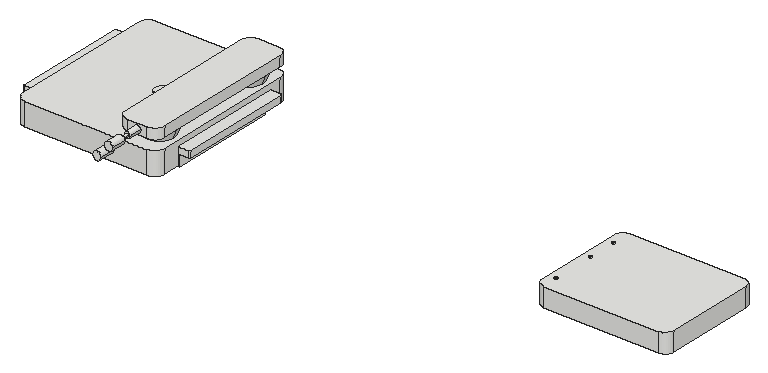
Revit family "Electronics -Communication_Urmet_1760-6", category Apparecchi elettrici, host Superficie, Revit 2017
Family settings
  Host = Superficie
  Mantenere orientamento annotazione = No
  Quota connettore circolare = Usa diametro
  Tipo di parte = Normale
  Taglio con vuoti quando caricato = No
  Condiviso = No
  Punto di calcolo locali = No
Parameters
  Youtube clip = ""
  Wiring = "2 wires"
  Weight net = 0.604 kg
  Voltage = "Low voltage (<50Vdc)"
  Video luminosity regulation = yes
  Video contrast regulation = yes
  Video color regulation = yes
  Uniformat II Description = "Communications & Security"
  Uniformat II Code = "D5030"
  Uniclass 2015 Name = "Intercom remote handsets"
  Uniclass 2015 Code = "Pr_75_75_27_43"
  Uniclass 2.0 Description = "Intercom Remote Handsets"
  Uniclass 2.0 Code = "PR-16-02-43"
  Uniclass 1.4 Description = "Intercom systems"
  Uniclass 1.4 Code = "L7632"
  URL = "https://www.urmet.com"
  UNSPSC Code = "43221525"
  UE Conformity Declaration: = "http://qrcode.urmet.com/default.aspx?prodUrmet=156136&lingua=en"
  Type image = "http://qrcode.urmet.com/default.aspx?prodUrmet=156136&lingua=en"
  Touch Display = yes
  Terminal block labels = "S-  S+  2xCP  2xLINE IN"
  Temperature range (°C) = "-5/50"
  Technical description = "http://qrcode.urmet.com/default.aspx?prodUrmet=156136&lingua=en"
  System technology = "2 wires"
  System name = "2Voice\r\n2Voice\r\n2Voice\r\n2Voice"
  Switchboard call = yes
  Sustainability Performance = "RAEE/WEEE compliant"
  Selectable ringtone for external calls and floor call = yes
  Ringing volume regulation = yes
  Ringing off (mute) function = yes
  Remote relay activations = "1"
  Region South America = "All"
  Region Oceania = "All"
  Region North America = "All"
  Region Middle East = "All"
  Region Europe = "All"
  Region Asia = "All"
  Region Antarctica = "All"
  Region Africa = "All"
  QR code = ""
  Proprietary voice controls = no
  Product url = "http://qrcode.urmet.com/default.aspx?prodUrmet=156136&lingua=en"
  Product group = ""
  Product family = ""
  Product data url = ""
  Product certification = "http://qrcode.urmet.com/default.aspx?prodUrmet=156136&lingua=en"
  Product SKU = "1760-6"
  Product Guide: = "http://qrcode.urmet.com/default.aspx?prodUrmet=156136&lingua=en"
  Predisposition for external optional ringer = yes
  Power consumption: = "http://qrcode.urmet.com/default.aspx?arg=manuali&sezione=2voice&lingua=en"
  Pedestrian door opening = yes
  Outgoing intercom calls = "3"
  OmniClass Description = "Door Entry Telephones"
  OmniClass Code = "23-37 23 17 13"
  Number of mechanical Pushbuttons = "0"
  Number of Touch buttons = "8"
  Nominal width = 130 mm
  Nominal height = 160 mm
  NBS Reference Description = "Intercom Remote Handsets"
  NBS Reference Code = "16-02-43"
  N. od terminal blocks = "6"
  Modello = "VOG5"
  Material main = "Plastic"
  Masterformat 2014 Description = "Residential Intercommunications and Program Systems"
  Masterformat 2014 Code = "27 51 23.30"
  Manufacturer country = "China"
  Produttore = "Urmet S.p.A.\r\nUrmet S.p.A."
  Main led signalizations = "5"
  Keynote = ""
  Installation on 503 flush and 60 mm diameter round boxes = yes
  Installation instructions = "http://qrcode.urmet.com/default.aspx?prodUrmet=156136&lingua=en"
  Installation = "Surface mounting, flush mounting or table mounting (with optional accessory)"
  Incoming floor call = yes
  IP Grade = "30"
  IK Grade = "-"
  IFC Classification = "Electrical Element"
  Humidity range (%) = "95%"
  Home automation Yokis buttons = "-"
  Handset /Hands free = "Hands free"
  Gesture = yes
  Gate door opening = yes
  GTIN code = ""
  Finishing = "Gloss"
  Edition number = 1
  EAN Product Code = "8021156069781"
  Display resolution (pixel) = "800 x 480"
  Display Format = "16:9"
  Display Dimensions = "5’’ IPS-LCD"
  Dimensions (LxHxP) = "130 x 160 x 26 mm"
  Design country = "Italy"
  Descrizione = "VIDEO DOOR PHONE HANDS-FREE\r\nVIDEO HOUSEPHONE 4,3'’ HANDSFREE 2VOICE WHITE"
  Default Elevation = 1219.2 mm
  Date of publishing = "2023-02-01"
  Data-sheet: = "http://qrcode.urmet.com/default.aspx?prodUrmet=156136&lingua=en"
  Compatibility with Alexa = no
  Combined Nomenclature Code = "8517691000"
  Color = "White RAL9003"
  Call forwarding = "Yes, with optional device"
  COBIe Type Category = ""
  Brand url = "https://www.urmet.com/en-us/"
  Auxiliary antenna for Hearing impaired people = yes
  Automatic door opening function = yes
  Auto-insertion function and scrolling of CCTV cameras = yes
  Audio or Audio/Video system = "Audio/video"
  Codice assieme = "1760/6"
  Additional led signalizations = "0"
Reference planes
  plane 1 "Center (Front/Back)": y = 0
  plane 2: z = 0
  plane 3 "Center (Left/Right)": x = 0
  plane 4: y = 65
  plane 5: y = -65
  plane 6: x = 600
  plane 7: x = 520
  plane 8: x = 680
  plane 9: y = 0
  plane 10: x = 570
  plane 11: x = 589
  plane 12: x = 608
  plane 13: y = -21.421
  plane 14: y = -80.537
  plane 15: y = -50.979
  plane 16: y = -36.2
  plane 17: x = 638.2
  plane 18: x = 657.2
  plane 19: x = 676.2
  plane 20: y = 51.715
  plane 21: y = -7.402
  plane 22: y = 22.156
  plane 23: y = 36.935
  plane 24: x = 638.2
  plane 25: x = 657.2
  plane 26: x = 676.2
  plane 27: y = 26.715
  plane 28: y = -32.402
  plane 29: y = -2.844
  plane 30: y = 11.935
  plane 31: x = 638.2
  plane 32: x = 657.2
  plane 33: x = 676.2
  plane 34: y = 4.228
  plane 35: y = -54.888
  plane 36: y = -25.33
  plane 37: y = -10.551
  plane 38: x = 638.2
  plane 39: x = 657.2
  plane 40: x = 676.2
  plane 41: y = -9.772
  plane 42: y = -68.888
  plane 43: y = -39.33
  plane 44: y = -24.551
  plane 45: x = 638.2
  plane 46: x = 657.2
  plane 47: x = 676.2
  plane 48: y = -23.772
  plane 49: y = -82.888
  plane 50: y = -53.33
  plane 51: y = -38.551
  plane 52: x = 638.2
  plane 53: x = 657.2
  plane 54: x = 676.2
  plane 55: y = -37.772
  plane 56: y = -96.888
  plane 57: y = -67.33
  plane 58: y = -52.551
Forms (mm)
  Extrusion 1, solid, not visible
    sketch origin (125, -1171.075, 27.5) x (0, 1, 0) y (-1, 0, 0)
      loop
        line (1178.319, 161.344) -> (1158.319, 161.344) -> (1158.319, 146.344) -> (1178.319, 146.344) -> (1178.319, 161.344)
      loop
        line (1178.319, 134.375) -> (1158.319, 134.375) -> (1158.319, 118.017) -> (1178.319, 118.017) -> (1178.319, 134.375)
    from -17.093 to -27.5
  Extrusion 2, solid, material "Plastic - Urmet Plastic - RAL9003 - Gloss", not visible, detail levels fine
    sketch origin (125, -1171.075, 27.5) x (0, 1, 0) y (-1, 0, 0)
      loop
        line (1271.075, 51) -> (1271.075, 199)
        arc (1271.075, 199) -> (1267.414, 207.839) -> (1258.575, 211.5) r 12.5
        line (1258.575, 211.5) -> (1083.575, 211.5)
        arc (1083.575, 211.5) -> (1074.736, 207.839) -> (1071.075, 199) r 12.5
        line (1071.075, 199) -> (1071.075, 51)
        arc (1071.075, 51) -> (1074.736, 42.161) -> (1083.575, 38.5) r 12.5
        line (1083.575, 38.5) -> (1258.575, 38.5)
        arc (1258.575, 38.5) -> (1267.414, 42.161) -> (1271.075, 51) r 12.5
    from 0 to -27.5
  Sweep 3, void, not visible
    path origin (125, -1208.075, 27.5) x (1, 0, 0) y (0, 1, 0)
      loop
        circle (-109.73, 1168.075) r 5
    profile origin (15.27, -45, 27.5) x (0, -1, 0) y (0, 0, 1)
      loop
        line (0, 0) -> (0, -1)
        arc (0, -1) -> (0.856, -0.658) -> (1.5, 0) r 2.228
        line (1.5, 0) -> (0, 0)
  Revolve 4, void, not visible
    sketch origin (15.27, -1171.075, -75) x (0, 0, 1) y (0, 1, 0)
      loop
        line (100.7, 1168.075) -> (100.7, 1159.075)
        arc (100.7, 1159.075) -> (101.176, 1156.974) -> (102.5, 1155.275) r 4.946
        line (102.5, 1155.275) -> (102.5, 1168.075) -> (100.7, 1168.075)
      axis (102.5, 1168.075) -> (100.7, 1168.075)
    angle from 0 to 360
  Sweep 5, void, not visible
    path origin (125, -1225.575, 27.5) x (1, 0, 0) y (0, 1, 0)
      loop
        circle (-109.73, 1168.075) r 5
    profile origin (15.27, -62.5, 27.5) x (0, -1, 0) y (0, 0, 1)
      loop
        line (0, 0) -> (0, -1)
        arc (0, -1) -> (0.856, -0.658) -> (1.5, 0) r 2.228
        line (1.5, 0) -> (0, 0)
  Sweep 6, void, not visible
    path origin (125, -1243.075, 27.5) x (1, 0, 0) y (0, 1, 0)
      loop
        circle (-109.73, 1168.075) r 5
    profile origin (15.27, -80, 27.5) x (0, -1, 0) y (0, 0, 1)
      loop
        line (0, 0) -> (0, -1)
        arc (0, -1) -> (0.856, -0.658) -> (1.5, 0) r 2.228
        line (1.5, 0) -> (0, 0)
  Sweep 7, void, not visible
    path origin (125, -1171.075, 27.5) x (1, 0, 0) y (0, 1, 0)
      loop
        arc (-196.8, 1251.675) -> (-197.578, 1251.353) -> (-197.9, 1250.575) r 1.1
        line (-197.9, 1250.575) -> (-197.9, 1196.175)
        arc (-197.9, 1196.175) -> (-197.578, 1195.397) -> (-196.8, 1195.075) r 1.1
        line (-196.8, 1195.075) -> (-101.6, 1195.075)
        arc (-101.6, 1195.075) -> (-100.822, 1195.397) -> (-100.5, 1196.175) r 1.1
        line (-100.5, 1196.175) -> (-100.5, 1250.575)
        arc (-100.5, 1250.575) -> (-100.822, 1251.353) -> (-101.6, 1251.675) r 1.1
        line (-101.6, 1251.675) -> (-196.8, 1251.675)
    profile origin (-24.2, 80.6, 27.5) x (0, 1, 0) y (0, 0, 1)
      loop
        line (0, 0) -> (0, -1)
        arc (0, -1) -> (2.056, -0.725) -> (4, 0) r 9.264
        line (4, 0) -> (0, 0)
  Extrusion 8, void, not visible
    sketch origin (125, -1171.075, 27.5) x (1, 0, 0) y (0, 1, 0)
      loop
        line (-101.6, 1251.675) -> (-196.8, 1251.675)
        arc (-196.8, 1251.675) -> (-197.578, 1251.353) -> (-197.9, 1250.575) r 1.1
        line (-197.9, 1250.575) -> (-197.9, 1196.175)
        arc (-197.9, 1196.175) -> (-197.578, 1195.397) -> (-196.8, 1195.075) r 1.1
        line (-196.8, 1195.075) -> (-101.6, 1195.075)
        arc (-101.6, 1195.075) -> (-100.822, 1195.397) -> (-100.5, 1196.175) r 1.1
        line (-100.5, 1196.175) -> (-100.5, 1250.575)
        arc (-100.5, 1250.575) -> (-100.822, 1251.353) -> (-101.6, 1251.675) r 1.1
    from -3 to 3
  Sweep 9, void, not visible
    path origin (172.23, -1171.075, 27.5) x (1, 0, 0) y (0, 1, 0)
      loop
        circle (-109.73, 1168.075) r 10.6
    profile origin (62.5, -13.6, 27.5) x (0, -1, 0) y (0, 0, 1)
      loop
        arc (0, -1) -> (2.059, -0.736) -> (4, 0) r 8.84
        line (4, 0) -> (0, 0) -> (0, -1)
  Extrusion 10, solid, material "Plastic - Urmet Plastic - RAL9003 - Gloss", not visible, detail levels fine
    sketch origin (125, -1171.075, 40) x (1, 0, 0) y (0, 1, 0)
      loop
        arc (-74.15, 1271.075) -> (-82.989, 1267.414) -> (-86.65, 1258.575) r 12.5
        line (-86.65, 1258.575) -> (-86.65, 1083.575)
        arc (-86.65, 1083.575) -> (-82.989, 1074.736) -> (-74.15, 1071.075) r 12.5
        line (-74.15, 1071.075) -> (-50.85, 1071.075)
        arc (-50.85, 1071.075) -> (-42.011, 1074.736) -> (-38.35, 1083.575) r 12.5
        line (-38.35, 1083.575) -> (-38.35, 1258.575)
        arc (-38.35, 1258.575) -> (-42.011, 1267.414) -> (-50.85, 1271.075) r 12.5
        line (-50.85, 1271.075) -> (-74.15, 1271.075)
    from 0 to 12
  Blend 11, solid, material "Plastic - Urmet Plastic - RAL9003 - Gloss", not visible, detail levels fine
    base sketch origin (125, -100, -75.097) x (0, 0, -1) y (1, 0, 0)
      loop
        circle (-121, -62.5) r 3.3
    top sketch origin (125, -114.75, -75.097) x (0, 0, -1) y (1, 0, 0)
      loop
        circle (-121, -62.5) r 4
    from 14.75 to -14.75
  Blend 12, solid, material "Plastic - Urmet Plastic - RAL9003 - Gloss", not visible, detail levels fine
    base sketch origin (125, -1223.47, 40) x (0, 1, 0) y (-1, 0, 0)
      loop
        circle (1157.475, 62.5) r 17.534
    top sketch origin (125, -1223.47, 40) x (0, 1, 0) y (-1, 0, 0)
      loop
        circle (1157.475, 62.5) r 22.447
    from -12.5 to 0
  Blend 13, solid, material "Plastic - Urmet Plastic - RAL9003 - Gloss", not visible, detail levels fine
    base sketch origin (125, -1088.47, 40) x (0, 1, 0) y (-1, 0, 0)
      loop
        circle (1157.475, 62.5) r 17.534
    top sketch origin (125, -1088.47, 40) x (0, 1, 0) y (-1, 0, 0)
      loop
        circle (1157.475, 62.5) r 22.447
    from -12.5 to 0
  Extrusion 14, solid, material "Plastic - Urmet Plastic - RAL9003 - Gloss", not visible, detail levels medium
    sketch origin (425, -1171.075, 27.5) x (0, 1, 0) y (-1, 0, 0)
      loop
        line (1271.075, 51) -> (1271.075, 199)
        arc (1271.075, 199) -> (1267.414, 207.839) -> (1258.575, 211.5) r 12.5
        line (1258.575, 211.5) -> (1083.575, 211.5)
        arc (1083.575, 211.5) -> (1074.736, 207.839) -> (1071.075, 199) r 12.5
        line (1071.075, 199) -> (1071.075, 51)
        arc (1071.075, 51) -> (1074.736, 42.161) -> (1083.575, 38.5) r 12.5
        line (1083.575, 38.5) -> (1258.575, 38.5)
        arc (1258.575, 38.5) -> (1267.414, 42.161) -> (1271.075, 51) r 12.5
    from 0 to -27.5
  Extrusion 15, solid, material "Plastic - Urmet Plastic - RAL9003 - Gloss", not visible, detail levels medium
    sketch origin (425, -1171.075, 40) x (1, 0, 0) y (0, 1, 0)
      loop
        arc (-74.15, 1271.075) -> (-82.989, 1267.414) -> (-86.65, 1258.575) r 12.5
        line (-86.65, 1258.575) -> (-86.65, 1083.575)
        arc (-86.65, 1083.575) -> (-82.989, 1074.736) -> (-74.15, 1071.075) r 12.5
        line (-74.15, 1071.075) -> (-50.85, 1071.075)
        arc (-50.85, 1071.075) -> (-42.011, 1074.736) -> (-38.35, 1083.575) r 12.5
        line (-38.35, 1083.575) -> (-38.35, 1258.575)
        arc (-38.35, 1258.575) -> (-42.011, 1267.414) -> (-50.85, 1271.075) r 12.5
        line (-50.85, 1271.075) -> (-74.15, 1271.075)
    from 0 to 12
  Extrusion 16, void, not visible, detail levels medium
    sketch origin (425, -1171.075, 27.5) x (-1, 0, 0) y (0, 1, 0)
      loop
        line (197.9, 1251.675) -> (100.5, 1251.675) -> (100.5, 1195.075) -> (197.9, 1195.075) -> (197.9, 1251.675)
    from 0 to 3
  Extrusion 17, solid, material "Plastic - Urmet Plastic - RAL9003 - Gloss", not visible, detail levels medium
    sketch origin (125, -1171.075, 27.5) x (0, 1, 0) y (-1, 0, 0)
      loop
        circle (1105.08, -237.35) r 20
      loop
        circle (1240.08, -237.35) r 20
    from 0 to 12.5
  Extrusion 18, solid, material "Plastic - Urmet Plastic - RAL9003 - Gloss", not visible, detail levels coarse
    sketch origin (125, -1171.075, 27.5) x (0, 1, 0) y (-1, 0, 0)
      loop
        line (1271.075, -388.5) -> (1071.075, -388.5) -> (1071.075, -561.65) -> (1271.075, -561.65) -> (1271.075, -388.5)
    from -27.5 to 24.5
  Extrusion 19, solid, material "Plastic - Urmet Plastic - RAL9003 - Gloss", not visible, detail levels fine
    sketch origin (125, -1171.075, 27.5) x (0, 1, 0) y (-1, 0, 0)
      loop
        circle (1168.075, 109.73) r 8.6
    from -1.8 to 1.2
  Extrusion 20, solid, material "Plastic - Urmet Plastic - RAL9003 - Gloss", not visible, detail levels fine
    sketch origin (10, 0, 0) x (1, 0, 0) y (0, 0, 1)
      loop
        circle (27.785, 21.154) r 1.5
    from 100 to 110.794
  Extrusion 21, solid, material "Plastic - Urmet Plastic - RAL9003 - Gloss", not visible, detail levels fine
    sketch origin (10, 0, 0) x (1, 0, 0) y (0, 0, 1)
      loop
        circle (27.801, 21.17) r 5
    from 110.794 to 130.126
  Extrusion 22, solid, material "Plastic - Urmet Plastic - RAL9003 - Gloss", not visible, detail levels fine
    sketch origin (34.699, 0, 24.699) x (1, 0, 0) y (0, 0, 1)
      loop
        circle (27.785, 21.154) r 1.5
    from 114.75 to 125.552
  Extrusion 23, solid, material "Plastic - Urmet Plastic - RAL9003 - Gloss", not visible, detail levels fine
    sketch origin (34.699, 0, 24.699) x (1, 0, 0) y (0, 0, 1)
      loop
        circle (27.801, 21.17) r 5
    from 125.552 to 143.369
  Extrusion 24, solid, material "Plastic - Urmet Plastic - RAL9003 - Gloss", not visible, detail levels fine
    sketch origin (125, -1171.075, -0.3) x (0, 1, 0) y (-1, 0, 0)
      loop
        arc (1242.075, 224.5) -> (1241.636, 225.561) -> (1240.575, 226) r 1.5
        line (1240.575, 226) -> (1103.689, 226)
        arc (1103.689, 226) -> (1102.629, 225.561) -> (1102.189, 224.5) r 1.5
        line (1102.189, 224.5) -> (1102.189, 24.638)
        arc (1102.189, 24.638) -> (1102.629, 23.578) -> (1103.689, 23.138) r 1.5
        line (1103.689, 23.138) -> (1240.575, 23.138)
        arc (1240.575, 23.138) -> (1241.636, 23.578) -> (1242.075, 24.638) r 1.5
        line (1242.075, 24.638) -> (1242.075, 224.5)
    from 14 to 22.3
  Revolve 25, void, not visible
    sketch origin (0, -104.83, 0) x (0, 1, 0) y (0, 0, 1)
      loop
        line (50.53, 22) -> (50.53, 20.5) -> (56.03, 20.5) -> (56.03, 21.417) -> (57.28, 22) -> (50.53, 22)
      axis (50.53, 20.5) -> (50.53, 22)
    angle from 0 to 360
  Extrusion 26, solid, material "Plastic - Urmet Plastic - RAL9003 - Gloss", not visible, detail levels fine
    sketch origin (0, -54.3, 20.5) x (0, 1, 0) y (-1, 0, 0)
      loop
        circle (0, 0) r 5.4
    from 0 to 3
  Sweep 27, void, not visible
    path origin (119.498, -1167.646, 22) x (0, 1, 0) y (-1, 0, 0)
      loop
        circle (1113.346, 99.498) r 5.5
    profile origin (14.5, -54.3, 22) x (1, 0, 0) y (0, 0, 1)
      loop
        line (0, 0) -> (-1, 0) -> (0, -1) -> (0, 0)
  Sweep 28, void, not visible
    path origin (139.498, -1167.646, 22) x (0, 1, 0) y (-1, 0, 0)
      loop
        circle (1113.346, 99.498) r 5.5
    profile origin (34.5, -54.3, 22) x (1, 0, 0) y (0, 0, 1)
      loop
        line (0, 0) -> (-1, 0) -> (0, -1) -> (0, 0)
  Sweep 29, void, not visible
    path origin (-119.498, -1167.646, 22) x (0, 1, 0) y (-1, 0, 0)
      loop
        circle (1113.346, -99.498) r 5.5
    profile origin (-14.5, -54.3, 22) x (1, 0, 0) y (0, 0, 1)
      loop
        line (0, 0) -> (0, -1) -> (1, 0) -> (0, 0)
  Sweep 30, void, not visible
    path origin (-139.498, -1167.646, 22) x (0, 1, 0) y (-1, 0, 0)
      loop
        circle (1113.346, -99.498) r 5.5
    profile origin (-34.5, -54.3, 22) x (1, 0, 0) y (0, 0, 1)
      loop
        line (0, 0) -> (0, -1) -> (1, 0) -> (0, 0)
  Sweep 31, void, not visible
    path origin (119.284, -1171.075, 22) x (0, 1, 0) y (-1, 0, 0)
      loop
        line (1118.028, 37.264) -> (1118.028, 61.264)
        arc (1118.028, 61.264) -> (1116.378, 62.914) -> (1114.728, 61.264) r 1.65
        line (1114.728, 61.264) -> (1114.728, 37.264)
        arc (1114.728, 37.264) -> (1116.378, 35.614) -> (1118.028, 37.264) r 1.65
    profile origin (70.02, -53.047, 22) x (0, -1, 0) y (0, 0, 1)
      loop
        line (0, 0) -> (-1, 0) -> (0, -1) -> (0, 0)
  Sweep 32, void, not visible
    path origin (-119.284, -1171.075, 22) x (0, 1, 0) y (-1, 0, 0)
      loop
        arc (1118.028, -37.264) -> (1116.378, -35.614) -> (1114.728, -37.264) r 1.65
        line (1114.728, -37.264) -> (1114.728, -61.264)
        arc (1114.728, -61.264) -> (1116.378, -62.914) -> (1118.028, -61.264) r 1.65
        line (1118.028, -61.264) -> (1118.028, -37.264)
    profile origin (-70.02, -53.047, 22) x (0, 1, 0) y (0, 0, 1)
      loop
        line (0, 0) -> (0, -1) -> (1, 0) -> (0, 0)
  Extrusion 33, solid, material "Plastic - Urmet Plastic - RAL9003 - Gloss", not visible, detail levels fine
    sketch origin (125, -1171.075, 22) x (0, 1, 0) y (-1, 0, 0)
      loop
        line (1232.075, 213.7) -> (1103.423, 213.7) -> (1103.423, 36.3) -> (1232.075, 36.3) -> (1232.075, 213.7)
    from -22 to -8.3
  Extrusion 34, solid, material "Plastic - Urmet Plastic - RAL9003 - Gloss", not visible, detail levels medium
    sketch origin (0, 0, 0) x (1, 0, 0) y (0, 1, 0)
      loop
        line (214, 69.5) -> (214, -67.386)
        arc (214, -67.386) -> (214.439, -68.446) -> (215.5, -68.886) r 1.5
        line (215.5, -68.886) -> (415.362, -68.886)
        arc (415.362, -68.886) -> (416.422, -68.446) -> (416.862, -67.386) r 1.5
        line (416.862, -67.386) -> (416.862, 69.5)
        arc (416.862, 69.5) -> (416.422, 70.561) -> (415.362, 71) r 1.5
        line (415.362, 71) -> (215.5, 71)
        arc (215.5, 71) -> (214.439, 70.561) -> (214, 69.5) r 1.5
    from 13.7 to 22
  Extrusion 35, solid, material "Plastic - Urmet Plastic - RAL9003 - Gloss", not visible, detail levels medium
    sketch origin (440, -1171.075, 22) x (0, 1, 0) y (-1, 0, 0)
      loop
        line (1232.075, 213.7) -> (1103.423, 213.7) -> (1103.423, 36.3) -> (1232.075, 36.3) -> (1232.075, 213.7)
    from -22 to -8.3
  Extrusion 36, solid, material "Plastic - Urmet Plastic - RAL9003 - Gloss", not visible, detail levels coarse
    sketch origin (260, 0, 0) x (1, 0, 0) y (0, 1, 0)
      loop
        line (214, 71) -> (214, -68.886) -> (416.862, -68.886) -> (416.862, 71) -> (214, 71)
    from 0 to 22
  Extrusion 37, solid, material "Plastic - Urmet Plastic - RAL9003 - Gloss", not visible, detail levels coarse
    sketch origin (425, -1171.075, 27.5) x (0, 1, 0) y (-1, 0, 0)
      loop
        line (1236.075, -95) -> (1106.075, -95) -> (1106.075, -255) -> (1236.075, -255) -> (1236.075, -95)
    from -27.5 to -4.5
  Extrusion 38, solid, material "Plastic - Urmet Plastic - RAL9003 - Gloss", not visible, detail levels fine
    sketch origin (269.144, -470.039, 0) x (0, -1, 0) y (1, 0, 0)
      loop
        line (-535.039, 400.856) -> (-535.039, 260.856)
        arc (-535.039, 260.856) -> (-532.11, 253.785) -> (-525.039, 250.856) r 10
        line (-525.039, 250.856) -> (-415.039, 250.856)
        arc (-415.039, 250.856) -> (-407.968, 253.785) -> (-405.039, 260.856) r 10
        line (-405.039, 260.856) -> (-405.039, 400.856)
        arc (-405.039, 400.856) -> (-407.968, 407.927) -> (-415.039, 410.856) r 10
        line (-415.039, 410.856) -> (-525.039, 410.856)
        arc (-525.039, 410.856) -> (-532.11, 407.927) -> (-535.039, 400.856) r 10
    from 0 to 23
  Sweep 39, void, not visible
    path origin (269.144, -470.039, 23) x (0, -1, 0) y (1, 0, 0)
      loop
        line (-520.239, 366.156) -> (-520.239, 273.856)
        arc (-520.239, 273.856) -> (-519.947, 273.149) -> (-519.239, 272.856) r 1
        line (-519.239, 272.856) -> (-468.539, 272.856)
        arc (-468.539, 272.856) -> (-467.832, 273.149) -> (-467.539, 273.856) r 1
        line (-467.539, 273.856) -> (-467.539, 366.156)
        arc (-467.539, 366.156) -> (-467.832, 366.864) -> (-468.539, 367.156) r 1
        line (-468.539, 367.156) -> (-519.239, 367.156)
        arc (-519.239, 367.156) -> (-519.947, 366.864) -> (-520.239, 366.156) r 1
    profile origin (589.15, 50.2, 23) x (0, -1, 0) y (0, 0, 1)
      loop
        arc (-4, 0) -> (-2.072, -0.787) -> (0, -1) r 7.328
        line (0, -1) -> (0, 0) -> (-4, 0)
  Sweep 40, void, not visible
    path origin (197.144, -541.54, 23) x (1, 0, 0) y (0, 1, 0)
      loop
        circle (391.856, 505.34) r 11
    profile origin (589, -25.2, 23) x (0, -1, 0) y (0, 0, 1)
      loop
        line (0, 0) -> (-4.5, 0)
        arc (-4.5, 0) -> (-2.363, -1.088) -> (0, -1.5) r 8.064
        line (0, -1.5) -> (0, 0)
  Extrusion 41, void, not visible
    sketch origin (269.144, -470.039, 23) x (1, 0, 0) y (0, 1, 0)
      loop
        arc (257.256, 507.339) -> (259.256, 505.339) -> (261.256, 507.339) r 2
        line (261.256, 507.339) -> (261.256, 516.739)
        arc (261.256, 516.739) -> (259.256, 518.739) -> (257.256, 516.739) r 2
        line (257.256, 516.739) -> (257.256, 507.339)
      loop
        arc (257.256, 472.939) -> (259.256, 470.939) -> (261.256, 472.939) r 2
        line (261.256, 472.939) -> (261.256, 482.339)
        arc (261.256, 482.339) -> (259.256, 484.339) -> (257.256, 482.339) r 2
        line (257.256, 482.339) -> (257.256, 472.939)
      loop
        arc (261.256, 428.319) -> (259.256, 430.319) -> (257.256, 428.319) r 2
        line (257.256, 428.319) -> (257.256, 424.519)
        arc (257.256, 424.519) -> (259.256, 422.519) -> (261.256, 424.519) r 2
        line (261.256, 424.519) -> (261.256, 428.319)
    from 0 to -2
  Extrusion 42, solid, material "Plastic - Urmet Plastic - RAL9003 - Gloss", not visible, detail levels fine
    sketch origin (269.144, -470.039, 23) x (1, 0, 0) y (0, 1, 0)
      loop
        circle (259.256, 512.423) r 1.8
      loop
        circle (259.169, 477.436) r 1.8
      loop
        circle (259.256, 424.587) r 1.8
    from 0 to -2
  Extrusion 43, void, not visible
    sketch origin (-103.898, -1502.241, -10.198) x (-1, 0, 0) y (0, 1, 0)
      loop
        arc (-645.898, 1551.441) -> (-646.191, 1552.148) -> (-646.898, 1552.441) r 1
        line (-646.898, 1552.441) -> (-739.198, 1552.441)
        arc (-739.198, 1552.441) -> (-739.905, 1552.148) -> (-740.198, 1551.441) r 1
        line (-740.198, 1551.441) -> (-740.198, 1500.741)
        arc (-740.198, 1500.741) -> (-739.905, 1500.034) -> (-739.198, 1499.741) r 1
        line (-739.198, 1499.741) -> (-646.898, 1499.741)
        arc (-646.898, 1499.741) -> (-646.191, 1500.034) -> (-645.898, 1500.741) r 1
        line (-645.898, 1500.741) -> (-645.898, 1551.441)
    from -33.198 to -31.198
  Sweep 44, void, not visible
    path origin (265.343, -468.404, 23) x (1, 0, 0) y (0, 1, 0)
      loop
        circle (391.856, 505.34) r 6.3
    profile origin (657.2, 43.235, 23) x (0, -1, 0) y (0, 0, 1)
      loop
        line (0, 0) -> (-2.066, 0)
        arc (-2.066, 0) -> (-1.116, -0.67) -> (0, -1) r 3.572
        line (0, -1) -> (0, 0)
  Sweep 45, void, not visible
    path origin (265.343, -493.404, 23) x (1, 0, 0) y (0, 1, 0)
      loop
        circle (391.856, 505.34) r 6.3
    profile origin (657.2, 18.235, 23) x (0, -1, 0) y (0, 0, 1)
      loop
        line (0, 0) -> (-2.066, 0)
        arc (-2.066, 0) -> (-1.116, -0.67) -> (0, -1) r 3.572
        line (0, -1) -> (0, 0)
  Sweep 46, void, not visible
    path origin (265.343, -515.89, 23) x (1, 0, 0) y (0, 1, 0)
      loop
        circle (391.856, 505.34) r 4
    profile origin (657.2, -6.551, 23) x (0, -1, 0) y (0, 0, 1)
      loop
        line (0, 0) -> (-2.066, 0)
        arc (-2.066, 0) -> (-1.116, -0.67) -> (0, -1) r 3.572
        line (0, -1) -> (0, 0)
  Sweep 47, void, not visible
    path origin (265.343, -529.89, 23) x (1, 0, 0) y (0, 1, 0)
      loop
        circle (391.856, 505.34) r 4
    profile origin (657.2, -20.551, 23) x (0, -1, 0) y (0, 0, 1)
      loop
        line (0, 0) -> (-2.066, 0)
        arc (-2.066, 0) -> (-1.116, -0.67) -> (0, -1) r 3.572
        line (0, -1) -> (0, 0)
  Sweep 48, void, not visible
    path origin (265.343, -543.89, 23) x (1, 0, 0) y (0, 1, 0)
      loop
        circle (391.856, 505.34) r 4
    profile origin (657.2, -34.551, 23) x (0, -1, 0) y (0, 0, 1)
      loop
        line (0, 0) -> (-2.066, 0)
        arc (-2.066, 0) -> (-1.116, -0.67) -> (0, -1) r 3.572
        line (0, -1) -> (0, 0)
  Sweep 49, void, not visible
    path origin (265.343, -557.89, 23) x (1, 0, 0) y (0, 1, 0)
      loop
        circle (391.856, 505.34) r 4
    profile origin (657.2, -48.551, 23) x (0, -1, 0) y (0, 0, 1)
      loop
        line (0, 0) -> (-2.066, 0)
        arc (-2.066, 0) -> (-1.116, -0.67) -> (0, -1) r 3.572
        line (0, -1) -> (0, 0)
Lines and regions (mm)
  Masking region 1
    outline origin (0, 0, 0) x (1, 0, 0) y (0, 0, 1)
      loop
        line (80, 23) -> (-80, 23) -> (-80, 0) -> (80, 0) -> (80, 23)
  Split face 1, not visible
    outline origin (-279, 71, 22) x (-1, 0, 0) y (0, -1, 0)
      loop
        line (-181, 5.3) -> (-181, 112) -> (-377, 112) -> (-377, 5.3)
        arc (-377, 5.3) -> (-376.326, 3.674) -> (-374.7, 3) r 2.3
        line (-374.7, 3) -> (-183.3, 3)
        arc (-183.3, 3) -> (-181.674, 3.674) -> (-181, 5.3) r 2.3
  Split face 2, not visible
    outline origin (-279, 71, 22) x (-1, 0, 0) y (0, -1, 0)
      loop
        line (-355.8, 14.7) -> (-202.2, 14.7) -> (-202.2, 100.1) -> (-355.8, 100.1) -> (-355.8, 14.7)
  Split face 3, not visible
    outline origin (0, 0, 22) x (1, 0, 0) y (0, 1, 0)
      loop
        line (238.631, 56.3) -> (238.631, -29.1) -> (392.231, -29.1) -> (392.231, 56.3) -> (238.631, 56.3)
Dimensions and locks
  locked: Extrusion 38 sketch curve to Extrusion 38 sketch curve at 160
  locked: Extrusion 38 sketch curve to Extrusion 38 sketch curve at 130
  equal spacing: plane 17, plane 18, plane 19
  equal spacing: plane 24, plane 25, plane 26
  equal spacing: plane 31, plane 32, plane 33
  equal spacing: plane 38, plane 39, plane 40
  equal spacing: plane 45, plane 46, plane 47
  equal spacing: plane 52, plane 53, plane 54
  aligned and locked: plane 2 to host face
  aligned and locked: level to host face
Connectors
  electrical at (-1.196, -2.756, 0)
    settings: on Extrusion 1, index 1, voltage 0 V, apparent load 0 VA, apparent load phase1 0 VA, apparent load phase2 0 VA, apparent load phase3 0 VA, power factor 1, load classification "Other", number of poles 1, system type 5, power factor state 1, is connector primary yes, connector utility no, sub classification motor no, connector description "Data Connector"
  electrical at (-28.844, -2.756, 0)
    settings: on Extrusion 1, index 2, voltage 230 V, apparent load 0 VA, apparent load phase1 0 VA, apparent load phase2 0 VA, apparent load phase3 0 VA, power factor 1, load classification "Altro", number of poles 1, system type 31, power factor state 1, is connector primary no, connector utility no, sub classification motor no, connector description ""
